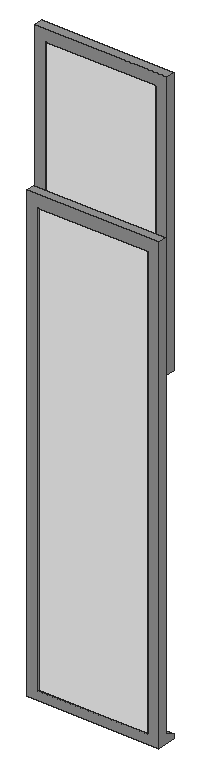
Revit family "STARC-REALWALL-PANEL", category Specialty Equipment, Revit 2014
Parameters (values of type "S3-WM-24")
  Width = 2' - 0"
  Wall Interface Right [instance] = no
  Wall Interface Left [instance] = no
  Wall Gap-Right [instance] = 0' - 0"
  URL = "https://starcsystems.com/products/realwall-panels/"
  Type Comments = "STARC SYSTEMS REALWALL 24 INCH TEMPORARY CONTAINMENT PANEL"
  Model = "S3-WM-24"
  Manufacturer = "STARC SYSTEMS, INC."  # constant formula
  ICRA Class = "IV"  # constant formula
  Description = "STARC SYSTEMS, INC REALWALL TEMPORARY CONTAINMENT SYSTEM PANEL"  # constant formula
  Copyright = "Copyright 2020 STARC Systems, Inc."  # constant formula
  Ceiling Height = 9' - 0"
  Wall Gap-Left [instance] = 0' - 0"
  Height = if(Ceiling Height > 10' 3", 10' 3", (if(Ceiling Height < 6' 10", 6' 10", Ceiling Height)))  # 9' - 0"
  Extensions.Group [instance] = if(and(Wall Interface Right, Wall Interface Left), "Double Interface", (if(Wall Interface Right, "Right Interface", (if(Wall Interface Left, "Left interface", "")))))  # ""
  Assembly Code = ""
  ASTM Standard = "E-84 CLASS A"  # constant formula
Types (6): name | Width | Wall Gap-Right | Type Comments | Model | Wall Gap-Left | Assembly Code
  (no name) | 2' - 0" | 0' - 0" | "STARC SYSTEMS REALWALL 24 INCH TEMPORARY CONTAINMENT PANEL" | "S3-WM-24" | 0' - 0" | ""
  S3-WM-24 | 2' - 0" | 0' - 0" | "STARC SYSTEMS REALWALL 24 INCH TEMPORARY CONTAINMENT PANEL" | "S3-WM-24" | 0' - 0" | ""
  S3-WM-32 | 2' - 8" | 0' - 5" | "STARC SYSTEMS REALWALL 32 INCH TEMPORARY CONTAINMENT PANEL" | "S3-WM-32" | 0' - 5" | ""
  S3-WM-12 | 1' - 0" | 0' - 0" | "STARC SYSTEMS REALWALL 12 INCH TEMPORARY CONTAINMENT PANEL" | "S3-WM-12" | 0' - 0" | "F1030900"
  S3-WM-18 | 1' - 6" | 0' - 0" | "STARC SYSTEMS REALWALL 18 INCH TEMPORARY CONTAINMENT PANEL" | "S3-WM-18" | 0' - 0" | ""
  S3-WM-42 | 3' - 6" | 0' - 0" | "STARC SYSTEMS REALWALL 42 INCH TEMPORARY CONTAINMENT PANEL" | "S3-WM-42" | 0' - 0" | ""
Reference planes (in)
  plane 1 "Center (Base Panel)": y = 0
  plane 2: z = 0
  plane 3 "Center (Left/Right)": x = 0
  plane 4 "Center (Top Panel)": y = 1.78125
  plane 5 "Base Panel Front": y = -0.79687
  plane 6 "Base Panel Back": y = 0.79688
  plane 7 "Top Panel Fron": y = 0.98438
  plane 8 "Top Panel Back": y = 2.57813
  plane 9 "Left Edge": x = -12
  plane 10 "Right Edge": x = 12
  plane 11 "Ceiling Height": z = 108
  plane 12 "Base Panel Top": z = 82
  plane 13 "Base Top": z = 1.65625
  plane 14 "Interior Left Edge": x = -9.92187
  plane 15 "Interior Right Edge": x = 9.92187
  plane 16: z = 79.92188
  plane 17: z = 59.73438
  plane 18: z = 61.8125
  plane 19: z = 105.92188
  plane 20: y = 2.57813
  plane 21: z = 1.14062
Forms (in)
  Extrusion 1, solid, material "STARC-Frame", detail levels medium+fine
    sketch origin (0, 0.79688, 0) x (1, 0, 0) y (0, 0, 1)
      loop
        line (-9.92187, 1.65625) -> (-9.92187, 79.92188) -> (9.92187, 79.92188) -> (9.92187, 1.65625) -> (12, 1.65625) -> (12, 82) -> (-12, 82) -> (-12, 1.65625) -> (-9.92187, 1.65625)
    from 0 to 1.59375
  Extrusion 2, solid, material "STARC-Frame", detail levels medium+fine
    sketch origin (0, 2.57813, 0) x (1, 0, 0) y (0, 0, 1)
      loop
        line (-12, 108) -> (-12, 59.73438) -> (12, 59.73438) -> (12, 108) -> (-12, 108)
      loop
        line (-9.92187, 105.92188) -> (-9.92187, 61.8125) -> (9.92187, 61.8125) -> (9.92187, 105.92188) -> (-9.92187, 105.92188)
    from 0 to 1.59375
  Extrusion 3, solid, material "STARC-Panel", detail levels medium+fine
    sketch origin (0, 0.79688, 0) x (1, 0, 0) y (0, 0, 1)
      loop
        line (-9.92187, 79.92188) -> (-9.92187, 1.65625) -> (9.92187, 1.65625) -> (9.92187, 79.92188) -> (-9.92187, 79.92188)
    from 0.125 to 1.5
  Extrusion 4, solid, material "STARC-Panel", detail levels medium+fine
    sketch origin (0, 2.57813, 0) x (1, 0, 0) y (0, 0, 1)
      loop
        line (-9.92187, 105.92188) -> (-9.92187, 61.8125) -> (9.92187, 61.8125) -> (9.92187, 105.92188) -> (-9.92187, 105.92188)
    from 0.125 to 1.5
  Extrusion 5, solid, material "STARC-Frame", detail levels medium+fine
    sketch origin (0, 0, 0) x (0, 1, 0) y (0, 0, 1)
      loop
        line (-0.79687, 1.65625) -> (-0.79687, 0) -> (2.57813, 0) -> (2.57813, 0.84741) -> (0.79688, 1.65625) -> (-0.79687, 1.65625)
    from -12 to 12
Cuts and joins
  joined: Extrusion 1, Extrusion 5
Lines and regions (in)
  symbolic lines, detail levels coarse
    curve 1: line (-12, 0.79688, 0) -> (12, 0.79688, 0)
    curve 2: line (-12, -0.79687, 0) -> (-12, 0.79688, 0)
    curve 3: line (12, -0.79687, 0) -> (-12, -0.79687, 0)
    curve 4: line (12, 0.79688, 0) -> (12, -0.79687, 0)
  symbolic lines, style "SpecialityEquipmentHiddenLines", detail levels coarse
    curve 5: line (-12, 0.79688, 0) -> (-12, 2.57813, 0)
    curve 6: line (-12, 2.57813, 0) -> (12, 2.57813, 0)
    curve 7: line (12, 2.57813, 0) -> (12, 0.79688, 0)
Dimensions and locks (in)
  plane 7 "Top Panel Fron" to plane 4 "Center (Top Panel)" to plane 8 "Top Panel Back" = 0' - 0 51/64" locked, 0' - 0 51/64" locked
  plane 5 "Base Panel Front" to plane 1 "Center (Base Panel)" to plane 6 "Base Panel Back" = 0' - 0 51/64" locked, 0' - 0 51/64" locked
  locked: plane 1 "Center (Base Panel)" to plane 4 "Center (Top Panel)" at 1.78125
  equal spacing: plane 9 "Left Edge", plane 3 "Center (Left/Right)", plane 10 "Right Edge"
  "Width": plane 9 "Left Edge" to plane 10 "Right Edge"
  "Height": plane 11 "Ceiling Height" to level
  locked: plane 12 "Base Panel Top" to level at 82
  locked: plane 13 "Base Top" to level at 1.65625
  locked: plane 14 "Interior Left Edge" to plane 9 "Left Edge" at 2.07812
  locked: plane 15 "Interior Right Edge" to plane 10 "Right Edge" at 2.07812
  locked: plane 11 "Ceiling Height" to plane 17 at 48.26563
  locked: plane 11 "Ceiling Height" to plane 19 at 2.07812
  locked: plane 18 to plane 17 at 2.07812
  locked: plane 20 to plane 5 "Base Panel Front" at 3.375
  locked: plane 21 to level at 1.14062
  locked: plane 12 "Base Panel Top" to plane 16 at 2.07812
  aligned and locked: level to plane 2
  aligned and locked: plane 9 "Left Edge" to Extrusion 1 sketch curve
  aligned and locked: Extrusion 1 sketch curve to plane 12 "Base Panel Top"
  aligned and locked: plane 10 "Right Edge" to Extrusion 1 sketch curve
  aligned and locked: Extrusion 1 sketch curve to plane 15 "Interior Right Edge"
  aligned and locked: plane 13 "Base Top" to Extrusion 1 sketch curve  (x2)
  aligned and locked: Extrusion 1 sketch curve to plane 14 "Interior Left Edge"
  aligned and locked: plane 5 "Base Panel Front" to Extrusion 1
  aligned and locked: plane 16 to Extrusion 1 sketch curve
  aligned and locked: Extrusion 2 sketch curve to plane 11 "Ceiling Height"
  aligned and locked: plane 17 to Extrusion 2 sketch curve
  aligned and locked: plane 9 "Left Edge" to Extrusion 2 sketch curve
  aligned and locked: plane 14 "Interior Left Edge" to Extrusion 2 sketch curve
  aligned and locked: plane 18 to Extrusion 2 sketch curve
  aligned and locked: plane 15 "Interior Right Edge" to Extrusion 2 sketch curve
  aligned and locked: plane 10 "Right Edge" to Extrusion 2 sketch curve
  aligned and locked: Extrusion 2 sketch curve to plane 19
  aligned and locked: plane 7 "Top Panel Fron" to Extrusion 2
  aligned and locked: plane 13 "Base Top" to Extrusion 3 sketch curve
  aligned and locked: plane 15 "Interior Right Edge" to Extrusion 3 sketch curve
  aligned and locked: plane 14 "Interior Left Edge" to Extrusion 3 sketch curve
  aligned and locked: Extrusion 3 sketch curve to plane 16
  aligned and locked: plane 18 to Extrusion 4 sketch curve
  aligned and locked: Extrusion 4 sketch curve to plane 19
  aligned and locked: plane 15 "Interior Right Edge" to Extrusion 4 sketch curve
  aligned and locked: plane 14 "Interior Left Edge" to Extrusion 4 sketch curve
  aligned and locked: Extrusion 5 sketch curve to plane 5 "Base Panel Front"
  aligned and locked: Extrusion 5 sketch curve to plane 13 "Base Top"
  aligned and locked: level to Extrusion 5 sketch curve
  aligned and locked: plane 20 to Extrusion 5 sketch curve
  aligned and locked: Extrusion 5 to plane 10 "Right Edge"
  aligned and locked: Extrusion 5 to plane 9 "Left Edge"
  aligned and locked: curve 3 to plane 5 "Base Panel Front"
  aligned and locked: plane 10 "Right Edge" to curve 4
  aligned and locked: plane 6 "Base Panel Back" to curve 1
  aligned and locked: plane 9 "Left Edge" to curve 2
  aligned and locked: plane 6 "Base Panel Back" to curve 7
  aligned and locked: plane 10 "Right Edge" to curve 7
  aligned and locked: plane 20 to curve 6
  aligned and locked: plane 9 "Left Edge" to curve 5
  aligned and locked: plane 5 "Base Panel Front" to nested 1
  aligned and locked: plane 5 "Base Panel Front" to nested 2
  aligned and locked: nested 2 to plane 10 "Right Edge"
  aligned and locked: plane 9 "Left Edge" to nested 1
Automatic sketch dimensions
  Extrusion 5 sketch curve to plane 6 "Base Panel Back" = 0' - 0"
  Extrusion 5 sketch curve to plane 21 = 0' - 0.29322"
Nested families (in)
  nested 1: "STARC-REALWALL-INTERFACE-LEFT" at (-12, 0, 0), visible <- "Wall Interface Left", type "S1-LWI"
    with Interface Width 0' - 2 3/4", Gap Width 0' - 0"
  nested 2: "STARC-REALWALL-INTERFACE-RIGHT" at (12, 0, 0), visible <- "Wall Interface Right", type "S1-RWI"
    with Interface Width 0' - 2 3/4", Gap Width 0' - 0"
Definition of nested family "STARC-REALWALL-INTERFACE-LEFT"
  Parameters (values of type "S1-LWI")
    URL = "https://starcsystems.com/products/accessories/"
    Type Comments = "STARC SYSTEMS, INC REALWALL TEMPORARY CONTAINMENT SYSTEM LEFT WALL INTERFACE"
    Model = "S1-LWI"
    Manufacturer = "STARC SYSTEMS, INC."  # constant formula
    Interface Width [instance] = if(Gap Width > 0' 4 1/2", 0' 4 1/2", (if(Gap Width < 0' 2 3/4", 0' 2 3/4", Gap Width)))  # 0' - 4 1/2"
    Wall Height = 9' - 0"
    ICRA Class = "IV"  # constant formula
    Height = if(Wall Height > 10' 3", 10' 3", Wall Height)  # 9' - 0"
    Gap Width = 0' - 6"
    Description = "STARC SYSTEMS, INC REALWALL TEMPORARY CONTAINMENT SYSTEM LEFT WALL INTERFACE"  # constant formula
    Copyright = "Copyright 2002 STARC Systems, Inc."  # constant formula
    Assembly Code = "F1030900"
    ASTM Standard = "E-84 CLASS A"  # constant formula
  Reference planes (in)
    plane 1 "Center (Front/Back)": y = 0
    plane 2: z = 0
    plane 3 "Panel Edge": x = 0
    plane 4: z = 82
    plane 5 "TopPanelTop": z = 108
    plane 6 "TopPanelBottom": z = 59.71875
    plane 7: x = -4.5
    plane 8: x = -4.125
    plane 9: x = -1.6875
    plane 10: x = -1.6875
    plane 11: y = 1.78125
    plane 12: y = -0.79688
    plane 13: y = 0.79687
    plane 14: y = 0.98437
    plane 15: y = 2.57812
    plane 16: y = 2.57812
  Forms (in)
    Extrusion 1, solid, material "STARC-Frame"
      sketch origin (0, -0.79687, 0) x (1, 0, 0) y (0, 1, 0)
        loop
          line (-1.6875, 0) -> (-4.0625, 0) -> (-4.0625, 1.59375) -> (-1.6875, 1.59375) -> (-1.6875, 1.65625) -> (-4.125, 1.65625) -> (-4.125, -0.0625) -> (-1.6875, -0.0625) -> (-1.6875, 0)
      from 0 to 82
    Extrusion 2, solid, material "STARC-Gasket"
      sketch origin (0, -0.79687, 0) x (1, 0, 0) y (0, 1, 0)
        loop
          line (-4.5, 1.1875) -> (-4.5, 0.4375) -> (-4.125, 0.4375) -> (-4.125, 1.1875) -> (-4.5, 1.1875)
      from 0 to 82
    Extrusion 3, solid, material "STARC-Frame"
      sketch origin (0, -0.79687, 0) x (1, 0, 0) y (0, 1, 0)
        loop
          line (-4.0625, 1.59375) -> (-4.0625, 0) -> (0, 0) -> (0, 1.59375) -> (-4.0625, 1.59375)
      from 0 to 82
    Extrusion 4, solid, material "STARC-Frame"
      sketch origin (0, 0.98438, 0) x (1, 0, 0) y (0, 1, 0)
        loop
          line (-1.6875, 0) -> (-4.0625, 0) -> (-4.0625, 1.59375) -> (-1.6875, 1.59375) -> (-1.6875, 1.65625) -> (-4.125, 1.65625) -> (-4.125, -0.0625) -> (-1.6875, -0.0625) -> (-1.6875, 0)
      from 59.71875 to 108 <- "Height"
    Extrusion 5, solid, material "STARC-Gasket"
      sketch origin (0, 0.98438, 0) x (1, 0, 0) y (0, 1, 0)
        loop
          line (-4.5, 1.1875) -> (-4.5, 0.4375) -> (-4.125, 0.4375) -> (-4.125, 1.1875) -> (-4.5, 1.1875)
      from 59.71875 to 108 <- "Height"
    Extrusion 6, solid, material "STARC-Frame"
      sketch origin (0, 0.98438, 0) x (1, 0, 0) y (0, 1, 0)
        loop
          line (-4.0625, 1.59375) -> (-4.0625, 0) -> (0, 0) -> (0, 1.59375) -> (-4.0625, 1.59375)
      from 59.71875 to 108 <- "Height"
  Dimensions and locks (in)
    locked: plane 4 to level at 82
    locked: plane 5 "TopPanelTop" to plane 6 "TopPanelBottom" at 48.28125
    "Height": plane 5 "TopPanelTop" to level
    "Interface Width": plane 7 to plane 3 "Panel Edge"
    locked: plane 7 to plane 8 at 0.375
    locked: plane 8 to Extrusion 1 sketch curve at 0.0625
    locked: plane 8 to plane 9 at 2.4375
    Extrusion 2 sketch curve to plane 1 "Center (Front/Back)" = 0' - 0 23/64"
    locked: Extrusion 2 sketch curve to Extrusion 2 sketch curve at 0.75
    locked: Extrusion 5 sketch curve to Extrusion 5 sketch curve at 0.75
    plane 14 to plane 11 to plane 15 = 0' - 0 51/64" locked, 0' - 0 51/64" locked
    plane 12 to plane 13 = 0' - 1 19/32"
    locked: plane 16 to plane 12 at 3.375
    locked: plane 8 to plane 10 at 2.4375
    aligned and locked: plane 2 to level
    aligned and locked: Extrusion 1 to level
    aligned and locked: plane 4 to Extrusion 1
    aligned and locked: Extrusion 1 sketch curve to plane 9  (x2)
    aligned and locked: Extrusion 2 sketch curve to plane 8
    aligned and locked: plane 7 to Extrusion 2 sketch curve
    aligned and locked: Extrusion 2 to level
    aligned and locked: plane 4 to Extrusion 2
    aligned and locked: plane 4 to Extrusion 3
    aligned and locked: Extrusion 3 to level
    aligned and locked: Extrusion 6 to plane 6 "TopPanelBottom"
    aligned and locked: Extrusion 4 to plane 6 "TopPanelBottom"
    aligned and locked: Extrusion 5 to plane 6 "TopPanelBottom"
  Automatic sketch dimensions
    Extrusion 1 sketch curve to plane 8 = 0' - 0"
    plane 1 "Center (Front/Back)" to Extrusion 1 sketch curve = 0' - 0 51/64"
    Extrusion 1 sketch curve to Extrusion 1 sketch curve = 0' - 0 1/16"  (x2)
    Extrusion 1 sketch curve to plane 1 "Center (Front/Back)" = 0' - 0 51/64"
    plane 1 "Center (Front/Back)" to Extrusion 3 sketch curve = 0' - 0 51/64"
    Extrusion 3 sketch curve to plane 3 "Panel Edge" = 0' - 0"
    plane 8 to Extrusion 3 sketch curve = 0' - 0 1/16"
    Extrusion 3 sketch curve to plane 1 "Center (Front/Back)" = 0' - 0 51/64"
    Extrusion 4 sketch curve to plane 8 = 0' - 0"
    plane 8 to Extrusion 4 sketch curve = 0' - 0 1/16"
    Extrusion 4 sketch curve to plane 1 "Center (Front/Back)" = 0' - 0 59/64"
    Extrusion 4 sketch curve to Extrusion 4 sketch curve = 0' - 0 1/16"  (x2)
    Extrusion 4 sketch curve to Extrusion 4 sketch curve = 0' - 1 19/32"
    Extrusion 5 sketch curve to plane 7 = 0' - 0"
    Extrusion 5 sketch curve to plane 8 = 0' - 0"
    Extrusion 5 sketch curve to plane 1 "Center (Front/Back)" = 0' - 1 27/64"
    Extrusion 6 sketch curve to plane 3 "Panel Edge" = 0' - 0"
    plane 8 to Extrusion 6 sketch curve = 0' - 0 1/16"
    Extrusion 6 sketch curve to plane 1 "Center (Front/Back)" = 0' - 0 63/64"
    Extrusion 6 sketch curve to Extrusion 6 sketch curve = 0' - 1 19/32"
    Extrusion 4 sketch curve to plane 10 = 0' - 0"  (x2)
Definition of nested family "STARC-REALWALL-INTERFACE-RIGHT"
  Parameters (values of type "S1-RWI")
    URL = "https://starcsystems.com/products/accessories/"
    Type Comments = "STARC SYSTEMS, INC REALWALL TEMPORARY CONTAINMENT SYSTEM RIGHT WALL INTERFACE"
    Model = "S1-RWI"
    Manufacturer = "STARC SYSTEMS, INC."  # constant formula
    Interface Width [instance] = if(Gap Width > 0' 4 1/2", 0' 4 1/2", (if(Gap Width < 0' 2 3/4", 0' 2 3/4", Gap Width)))  # 0' - 4 1/2"
    Wall Height = 9' - 0"
    ICRA Class = "IV"  # constant formula
    Height = if(Wall Height > 10' 3", 10' 3", Wall Height)  # 9' - 0"
    Gap Width = 0' - 5"
    Description = "STARC SYSTEMS, INC REALWALL TEMPORARY CONTAINMENT SYSTEM RIGHT WALL INTERFACE"  # constant formula
    Copyright = "Copyright 2020 STARC Systems, Inc."  # constant formula
    Assembly Code = "F1030900"
    ASTM Standard = "E-84 CLASS A"  # constant formula
  Reference planes (in)
    plane 1 "Center (Front/Back)": y = 0
    plane 2: z = 0
    plane 3 "Panel Edge": x = 0
    plane 4: z = 82
    plane 5 "TopPanelTop": z = 108
    plane 6 "TopPanelBottom": z = 59.71875
    plane 7: y = 1.78125
    plane 8: y = -0.79688
    plane 9: y = 0.79687
    plane 10: y = 0.98437
    plane 11: y = 2.57812
    plane 12: y = 2.57812
    plane 13: x = 4.5
    plane 14: x = 4.125
    plane 15: x = 1.6875
    plane 16: x = 1.6875
  Forms (in)
    Extrusion 1, solid, material "STARC-Frame"
      sketch origin (0, -0.79687, 0) x (1, 0, 0) y (0, 1, 0)
        loop
          line (1.6875, 0) -> (1.6875, -0.0625) -> (4.125, -0.0625) -> (4.125, 1.65625) -> (1.6875, 1.65625) -> (1.6875, 1.59375) -> (4.0625, 1.59375) -> (4.0625, 0) -> (1.6875, 0)
      from 0 to 82
    Extrusion 2, solid, material "STARC-Gasket"
      sketch origin (0, -0.79687, 0) x (1, 0, 0) y (0, 1, 0)
        loop
          line (4.125, 1.1875) -> (4.125, 0.4375) -> (4.5, 0.4375) -> (4.5, 1.1875) -> (4.125, 1.1875)
      from 0 to 82
    Extrusion 3, solid, material "STARC-Frame"
      sketch origin (0, -0.79687, 0) x (1, 0, 0) y (0, 1, 0)
        loop
          line (0, 1.59375) -> (0, 0) -> (4.0625, 0) -> (4.0625, 1.59375) -> (0, 1.59375)
      from 0 to 82
    Extrusion 4, solid, material "STARC-Frame"
      sketch origin (0, 0.98438, 0) x (1, 0, 0) y (0, 1, 0)
        loop
          line (1.6875, 0) -> (1.6875, -0.0625) -> (4.125, -0.0625) -> (4.125, 1.65625) -> (1.6875, 1.65625) -> (1.6875, 1.59375) -> (4.0625, 1.59375) -> (4.0625, 0) -> (1.6875, 0)
      from 59.71875 to 108 <- "Height"
    Extrusion 5, solid, material "STARC-Gasket"
      sketch origin (0, 0.98438, 0) x (1, 0, 0) y (0, 1, 0)
        loop
          line (4.125, 1.1875) -> (4.125, 0.4375) -> (4.5, 0.4375) -> (4.5, 1.1875) -> (4.125, 1.1875)
      from 59.71875 to 108 <- "Height"
    Extrusion 6, solid, material "STARC-Frame"
      sketch origin (0, 0.98438, 0) x (1, 0, 0) y (0, 1, 0)
        loop
          line (0, 1.59375) -> (0, 0) -> (4.0625, 0) -> (4.0625, 1.59375) -> (0, 1.59375)
      from 59.71875 to 108 <- "Height"
  Dimensions and locks (in)
    locked: plane 4 to level at 82
    locked: plane 5 "TopPanelTop" to plane 6 "TopPanelBottom" at 48.28125
    "Height": plane 5 "TopPanelTop" to level
    Extrusion 2 sketch curve to plane 1 "Center (Front/Back)" = 0' - 0 23/64"
    locked: Extrusion 2 sketch curve to Extrusion 2 sketch curve at 0.75
    locked: Extrusion 5 sketch curve to Extrusion 5 sketch curve at 0.75
    plane 10 to plane 7 to plane 11 = 0' - 0 51/64" locked, 0' - 0 51/64" locked
    plane 8 to plane 9 = 0' - 1 19/32"
    locked: plane 12 to plane 8 at 3.375
    locked: plane 13 to plane 14 at 0.375
    "Interface Width": plane 3 "Panel Edge" to plane 13
    locked: Extrusion 1 sketch curve to Extrusion 1 sketch curve at 0.0625  (x3)
    locked: plane 15 to plane 14 at 2.4375
    locked: plane 16 to plane 14 at 2.4375
    aligned and locked: plane 2 to level
    aligned and locked: Extrusion 1 to level
    aligned and locked: plane 4 to Extrusion 1
    aligned and locked: plane 4 to Extrusion 3
    aligned and locked: Extrusion 3 to level
    aligned and locked: Extrusion 6 to plane 6 "TopPanelBottom"
    aligned and locked: Extrusion 4 to plane 6 "TopPanelBottom"
    aligned and locked: Extrusion 5 to plane 6 "TopPanelBottom"
    aligned and locked: plane 15 to Extrusion 1 sketch curve  (x2)
    aligned and locked: Extrusion 3 to Extrusion 1
    aligned and locked: Extrusion 3 to plane 3 "Panel Edge"
    aligned and locked: plane 16 to Extrusion 4 sketch curve  (x2)
    aligned and locked: Extrusion 5 to plane 13
    aligned and locked: plane 14 to Extrusion 5
    aligned and locked: plane 14 to Extrusion 2
    aligned and locked: Extrusion 6 to Extrusion 4
    aligned and locked: Extrusion 6 to plane 3 "Panel Edge"
  Automatic sketch dimensions
    plane 1 "Center (Front/Back)" to Extrusion 3 sketch curve = 0' - 0 51/64"
    plane 3 "Panel Edge" to Extrusion 3 sketch curve = 0' - 4 1/16"
    Extrusion 3 sketch curve to plane 1 "Center (Front/Back)" = 0' - 0 51/64"
    Extrusion 5 sketch curve to plane 1 "Center (Front/Back)" = 0' - 1 27/64"
    plane 3 "Panel Edge" to Extrusion 6 sketch curve = 0' - 4 1/16"
    Extrusion 6 sketch curve to plane 1 "Center (Front/Back)" = 0' - 0 63/64"
    Extrusion 6 sketch curve to Extrusion 6 sketch curve = 0' - 1 19/32"
    plane 8 to Extrusion 1 sketch curve = 0' - 0"
    plane 9 to Extrusion 1 sketch curve = 0' - 0"
    Extrusion 1 sketch curve to plane 14 = 0' - 0"
    plane 10 to Extrusion 4 sketch curve = 0' - 0"
    plane 11 to Extrusion 4 sketch curve = 0' - 0"
    Extrusion 4 sketch curve to plane 14 = 0' - 0"
    plane 14 to Extrusion 4 sketch curve = 0' - 0 1/16"
    Extrusion 4 sketch curve to Extrusion 4 sketch curve = 0' - 0 1/16"
    Extrusion 4 sketch curve to plane 11 = 0' - 0 1/16"
    Extrusion 2 sketch curve to plane 13 = 0' - 0"
    Extrusion 3 sketch curve to plane 3 "Panel Edge" = 0' - 0"
    Extrusion 5 sketch curve to plane 13 = 0' - 0"
    Extrusion 6 sketch curve to plane 3 "Panel Edge" = 0' - 0"
    Extrusion 2 sketch curve to plane 14 = 0' - 0"
    Extrusion 5 sketch curve to plane 14 = 0' - 0"
